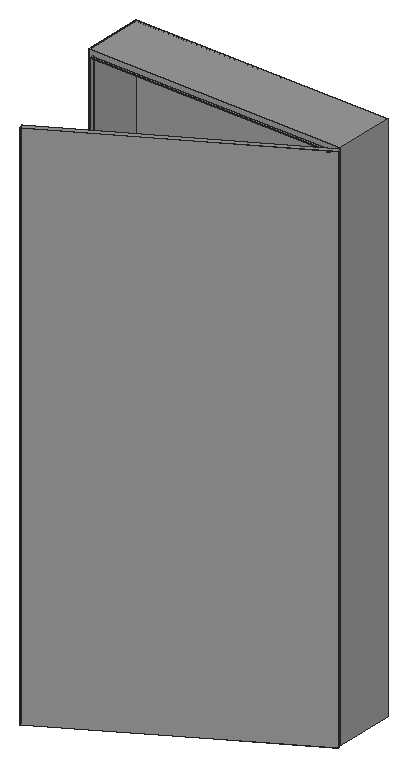
Revit family "Hager-Univers-IP44-D205-H1700-Cl.II-Encl-NoHosted-PT-pt", category Electrical Equipment, Revit 2020
Family settings
  Panel Configuration = Two Columns, Circuits Across
  Round Connector Dimension = Use Diameter
  Part Type = Panelboard
  Work Plane-Based = Yes
  Always vertical = Yes
  Cut with Voids When Loaded = No
  Shared = No
  Room Calculation Point = No
Parameters (values of type "Montagem em superfície (gesso) IP44 L800 A1700 P205  - FP13SN2")
  Width Control [instance] = if([EF000008 - Largura] > Min Width, [EF000008 - Largura], Min Width)  # 800 mm
  Type Comments = [HG000003 - Gama]  # "Univers"
  Thickness Door [instance] = if([EF009171 - Espessura do material da porta/tampa] > 3 mm, 3 mm, [EF009171 - Espessura do material da porta/tampa])  # 1 mm
  Seal Frame Offset [instance] = 17 mm  # constant formula
  Plinth Visibility [instance] = [HG000027 - Altura da Plinta] > 0 mm  # no
  Min Width [instance] = 100 mm  # constant formula
  Min Depth [instance] = (2 * [EF009170 - Espessura do material do invólucro]) + 1 mm  # 3 mm
  Min Height [instance] = 100 mm  # constant formula
  Internal Frame Depth [instance] = (Door System Depth * 0.5)  # 9 mm
  Panel Name [instance] = ""  # (empty or 0)
  Model = ""
  HG000027 - Altura da Plinta = 0 mm
  HG000026 - Instalação no chão = no
  HG000024 - Altura da secção inferior = 600 mm
  HG000023 - Recinto de secção dupla = no
  HG000016 - Visibilidade da porta 3D [instance] = yes
  HG000015 - Visibilidade através da porta [instance] = no
  HG000014 - Porta à direita [instance] = yes
  HG000013 - Porta à esquerda [instance] = not([HG000014 - Porta à direita])  # no
  HG000012 - Ângulo de abertura de porta [instance] = 30.00°
  HG000010 - Portas assimétricas = no
  HG000009 - Porta dupla = no
  HG000006 - Encastrado = no
  HG000004 - Referência do Fabricante = "FP13SN2"
  HG000003 - Gama = "Univers"
  HG000002 - Com porta ou tampa = yes
  Frame Offset Bottom [instance] = 10 mm  # constant formula
  Frame Offset [instance] = 15 mm  # constant formula
  EF015940 - Tampa com libertação de sobrepressão = no
  EF011959 - Grau de proteção (NEMA) = ""
  EF009554 - Número de aberturas para placas de flange = 6
  EF009212 - Tipo de tampa = "EV000116 - Fechado"
  EF009171 - Espessura do material da porta/tampa = 1 mm
  EF009170 - Espessura do material do invólucro = 1 mm
  EF008873 - Corrente nominal (In) = 400 A
  EF007800 - Adequado para proteção contra raios = no
  EF006306 - Com fecho = no
  EF006244 - Tampa/porta transparente = no
  EF005474 - Grau de proteção (IP) = "EV006418 - IP44"
  EF004464 - Tipo de porta = "EV002646 - Único"
  EF004427 - Número de módulos = 396
  EF004293 - Força de impacto = "EV006815 - IK09"
  EF003532 - Adequado para uso no exterior = no
  EF002950 - Largura em número de módulos = 36
  EF001613 - Integridade do circuito = "EV000494 - Nenhum"
  EF001596 - Material do corpo = "EV000179 - Aço"
  EF001131 - Profundidade interior = 143 mm
  EF001088 - Extensão possível = yes
  EF000437 - Número de entradas de condutores = 6
  EF000339 - Tipo de difusor = "EV001012 - Tampa"
  EF000266 - Número de linhas = 11
  EF000218 - Profundidade incorporada = 205 mm
  EF000118 - Com tampa de montagem = no
  EF000116 - Número RAL = "9010"
  EF000049 - Profundidade = 205 mm
  EF000040 - Altura = 1700 mm
  EF000008 - Largura = 800 mm
  EF000007 - Cor = "EV000202 - Branco"
  EF000003 - Método de montagem = "EV000384 - Montagem em superfície (gesso)"
  Door System Leaf Tolerance [instance] = 1.5 mm  # constant formula
  Door System Depth [instance] = 18 mm  # constant formula
  Door Height [instance] = Height Control - [HG000027 - Altura da Plinta]  # 1700 mm
  Description = ""
  Default Elevation = 1219.2 mm
  Connector Offset [instance] = Height Control / 2  # 850 mm
  Manufacturer = "Hager"  # constant formula
  Height Control [instance] = if([EF000040 - Altura] > Min Height, [EF000040 - Altura], Min Height)  # 1700 mm
  Depth Control [instance] = if([EF000049 - Profundidade] > Min Depth, [EF000049 - Profundidade], Min Depth)  # 205 mm
  Bottom Top Plate Trim [instance] = 1.5 mm  # constant formula
  Plinth height Ctrl [instance] = if([HG000027 - Altura da Plinta] > 0 mm, [HG000027 - Altura da Plinta], 12 mm)  # 12 mm
Types (5, lengths in mm): name | Width Control | HG000010 - Portas assimétricas | HG000009 - Porta dupla | HG000004 - Referência do Fabricante | EF009554 - Número de aberturas para placas de flange | EF008873 - Corrente nominal (In) | EF004464 - Tipo de porta | EF004427 - Número de módulos | EF002950 - Largura em número de módulos | EF000437 - Número de entradas de condutores | EF000008 - Largura
  Montagem em superfície (gesso) IP44 L1050 A1700 P205  - FP14SN2 | 1050 | no | yes | "FP14SN2" | 8 | 400 A | "EV003602 - Duplo" | 528 | 48 | 8 | 1050
  Montagem em superfície (gesso) IP44 L1300 A1700 P205  - FP15SN2 | 1300 | yes | yes | "FP15SN2" | 10 | 400 A | "EV003602 - Duplo" | 660 | 60 | 10 | 1300
  Montagem em superfície (gesso) IP44 L300 A1700 P205  - FP11SN2 | 300 | no | no | "FP11SN2" | 2 | 250 A | "EV002646 - Único" | 132 | 12 | 2 | 300
  Montagem em superfície (gesso) IP44 L550 A1700 P205  - FP12SN2 | 550 | no | no | "FP12SN2" | 4 | 250 A | "EV002646 - Único" | 264 | 24 | 4 | 550
  Montagem em superfície (gesso) IP44 L800 A1700 P205  - FP13SN2 | 800 | no | no | "FP13SN2" | 6 | 400 A | "EV002646 - Único" | 396 | 36 | 6 | 800
Reference planes
  plane 1 "Center (Front/Back)": y = 0
  plane 2: z = 0
  plane 3 "Center (Left/Right)": x = 0
  plane 4: y = 0
  plane 5: y = 0
  plane 6: z = 0
  plane 7: x = -400
  plane 8: x = 400
  plane 9: x = 399
  plane 10: x = -399
  plane 11: z = 0
  plane 12: z = 1
  plane 13: y = -205
  plane 14: y = -1
  plane 15: x = 0
  plane 16: y = -187
  plane 17: y = -204
  plane 18: y = -186
  plane 19: x = -384
  plane 20: x = 384
  plane 21: z = 11
  plane 22: x = -383
  plane 23: x = 383
  plane 24: z = 0
  plane 25: z = 1700
  plane 26: z = 1700
  plane 27: z = 1684
  plane 28: z = 1699
Forms (mm)
  Extrusion 1, solid, material "Hager_Steel_RAL7035_Light_Grey", detail levels medium+fine
    sketch origin (-208.679, -4572, 0) x (-1, 0, 0) y (0, -1, 0)
      loop
        line (191.321, -4385) -> (-608.679, -4385) -> (-608.679, -4572) -> (191.321, -4572) -> (191.321, -4385)
    from 0 to 1700
  Extrusion 2, void
    sketch origin (-350.771, -205, 1219.2) x (1, 0, 0) y (0, 0, 1)
      loop
        line (-48.229, 479.8) -> (-48.229, -1218.2) -> (749.771, -1218.2) -> (749.771, 479.8) -> (-48.229, 479.8)
    from -19 to -204
  Extrusion 3, void
    sketch origin (-290.084, -187, 1219.2) x (1, 0, 0) y (0, 0, 1)
      loop
        line (-93.916, -1208.2) -> (674.084, -1208.2) -> (674.084, 464.8) -> (-93.916, 464.8) -> (-93.916, -1208.2)
    from 0 to -1
  Extrusion 4, solid, material "Hager_Steel_RAL7035_Light_Grey", visible <- "Plinth Visibility", detail levels medium+fine
    sketch origin (0, 0, 0) x (1, 0, 0) y (0, 1, 0)
      loop
        line (-400, 0) -> (-400, -187) -> (400, -187) -> (400, 0) -> (-400, 0)
    from 0 to 12 <- "Plinth height Ctrl"
  Extrusion 5, solid, material "Hager_Steel_RAL7035_Light_Grey", detail levels coarse
    sketch origin (0, 0, 0) x (1, 0, 0) y (0, 1, 0)
      loop
        line (-400, 0) -> (-400, -205) -> (400, -205) -> (400, 0) -> (-400, 0)
    from 0 to 1700 <- "Height Control"
  Sweep 6, void
    path in 3D
      loop
        line (-400, -187, 12) -> (400, -187, 12) -> (400, 0, 12) -> (-400, 0, 12) -> (-400, -187, 12)
    profile origin (-400, -93.5, 12) x (1, 0, 0) y (0, 0, 1)
      loop
        line (0, 0) -> (0, -1.5) -> (1.5, -1.5)
        arc (1.5, -1.5) -> (1.061, -0.439) -> (0, 0) r 1.5
  Extrusion 7, solid, material "Hager_Steel_RAL7035_Light_Grey", detail levels fine
    sketch origin (-400, -187, 0) x (1, 0, 0) y (0, 0, 1)
      loop
        line (16, 11) -> (784, 11) -> (784, 1684) -> (16, 1684) -> (16, 11)
      loop
        line (15, 10) -> (785, 10) -> (785, 1685) -> (15, 1685) -> (15, 10)
    from 0 to 9 <- "Internal Frame Depth"
Cuts and joins
  Extrusion 2, Extrusion 3 cuts Extrusion 1
  Sweep 6 cuts Extrusion 4
Lines and regions (mm)
  Masking region 1
    outline origin (0, 0, 0) x (1, 0, 0) y (0, 1, 0)
      loop
        line (-400, 0) -> (-400, -205) -> (400, -205) -> (400, 0) -> (-400, 0)
  Masking region 2, detail levels coarse
    outline origin (-290.084, -187, 1219.2) x (-1, 0, 0) y (0, 0, 1)
      loop
        line (-690.084, -1219.2) -> (109.916, -1219.2) -> (109.916, 480.8) -> (-690.084, 480.8) -> (-690.084, -1219.2)
  Masking region 3, detail levels coarse
    outline origin (0, 0, 0) x (0, 1, 0) y (0, 0, 1)
      loop
        line (0, 0) -> (0, 1700) -> (-205, 1700) -> (-205, 0) -> (0, 0)
  Masking region 4, visible <- "Plinth Visibility", detail levels medium+fine
    outline origin (0, 0, 0) x (0, 1, 0) y (0, 0, 1)
      loop
        line (-1.5, 12) -> (-185.5, 12)
        arc (-185.5, 12) -> (-185.939, 10.939) -> (-187, 10.5) r 1.5
        line (-187, 10.5) -> (-187, 0) -> (0, 0) -> (0, 10.5)
        arc (0, 10.5) -> (-1.061, 10.939) -> (-1.5, 12) r 1.5
  Masking region 5, detail levels medium+fine
    outline origin (0, 0, 594.038) x (0, 1, 0) y (0, 0, 1)
      loop
        line (0, -594.038) -> (0, 1105.962) -> (-187, 1105.962) -> (-187, -594.038) -> (0, -594.038)
  Masking region 6, detail levels medium+fine
    outline origin (-359.7, -187, 1211.883) x (-1, 0, 0) y (0, 0, 1)
      loop
        line (-759.7, -1211.883) -> (40.3, -1211.883) -> (40.3, 488.117) -> (-759.7, 488.117) -> (-759.7, -1211.883)
  Masking region 7, visible <- "Plinth Visibility", detail levels medium+fine
    outline origin (-320.334, -187, 1041.368) x (-1, 0, 0) y (0, 0, 1)
      loop
        line (-720.334, -1041.368) -> (79.666, -1041.368) -> (79.666, -1030.868)
        arc (79.666, -1030.868) -> (78.606, -1030.429) -> (78.166, -1029.368) r 1.5
        line (78.166, -1029.368) -> (-718.834, -1029.368)
        arc (-718.834, -1029.368) -> (-719.273, -1030.429) -> (-720.334, -1030.868) r 1.5
        line (-720.334, -1030.868) -> (-720.334, -1041.368)
  sketch lines
    curve 1: line (-400, 0, 12) -> (-400, -187, 12)
    curve 2: line (-400, -187, 12) -> (400, -187, 12)
    curve 3: line (400, 0, 12) -> (-400, 0, 12)
    curve 4: line (400, -187, 12) -> (400, 0, 12)
Dimensions and locks
  locked: plane 1 "Center (Front/Back)" to plane 5
  "EF009170 - Espessura do material do invólucro": plane 7 to plane 10
  "EF009170 - Espessura do material do invólucro": plane 8 to plane 9
  equal spacing: plane 7, plane 3 "Center (Left/Right)", plane 8
  "Width Control": plane 7 to plane 8
  "Depth Control": plane 4 to plane 13
  "EF009170 - Espessura do material do invólucro": plane 4 to plane 14
  "Height Control": plane 25 to level
  "HG000027 - Altura da Plinta": plane 11 to level
  "EF009170 - Espessura do material do invólucro": plane 12 to plane 11
  "EF009170 - Espessura do material do invólucro": plane 17 to plane 13
  "EF009170 - Espessura do material do invólucro": plane 18 to plane 16
  "Frame Offset Bottom": plane 21 to plane 12
  "Frame Offset": plane 10 to plane 19
  "Frame Offset": plane 9 to plane 20
  "Door System Depth": plane 16 to plane 13
  "Seal Frame Offset": plane 7 to plane 22
  "Seal Frame Offset": plane 8 to plane 23
  "EF009170 - Espessura do material do invólucro": plane 26 to plane 28
  "Frame Offset": plane 28 to plane 27
  "Connector Offset": plane 2 to connector elem
  "Bottom Top Plate Trim": profile plane to Sweep 6 sketch curve
  "Bottom Top Plate Trim": Sweep 6 sketch curve to Sweep 6 sketch curve
  "Plinth height Ctrl": Masking region 4 sketch curve to level
  "Plinth height Ctrl": Masking region 7 sketch curve to level
  "Thickness Door": Extrusion 7 sketch curve to Extrusion 7 sketch curve  (x4)
  "Bottom Top Plate Trim": radius of Sweep 6 sketch curve
  "Bottom Top Plate Trim": radius of Masking region 4 sketch curve  (x2)
  "Bottom Top Plate Trim": radius of Masking region 7 sketch curve  (x2)
  aligned and locked: Extrusion 2 sketch curve to plane 12
  aligned and locked: Extrusion 2 sketch curve to plane 9
  aligned and locked: Extrusion 2 sketch curve to plane 10
  aligned and locked: Extrusion 2 to plane 14
  aligned and locked: Extrusion 1 sketch curve to plane 4
  aligned and locked: plane 8 to Extrusion 1 sketch curve
  aligned and locked: plane 7 to Extrusion 1 sketch curve
  aligned and locked: Extrusion 2 to plane 18
  aligned and locked: Extrusion 3 sketch curve to plane 19
  aligned and locked: plane 20 to Extrusion 3 sketch curve
  aligned and locked: Extrusion 3 to Extrusion 2
  aligned and locked: Extrusion 3 sketch curve to plane 21
  aligned and locked: plane 3 "Center (Left/Right)" to nested 1
  aligned and locked: Extrusion 1 sketch curve to plane 16
  aligned and locked: Extrusion 4 sketch curve to cut or joined group of Extrusion 1, Extrusion 2, Extrusion 3
  aligned and locked: Masking region 1 sketch curve to plane 7
  aligned and locked: Masking region 1 sketch curve to plane 5
  aligned and locked: Masking region 1 sketch curve to plane 8
  aligned and locked: Masking region 2 sketch curve to level
  aligned and locked: level to Masking region 3 sketch curve
  aligned and locked: plane 1 "Center (Front/Back)" to Masking region 3 sketch curve
  aligned and locked: plane 13 to Masking region 3 sketch curve
  aligned and locked: plane 5 to Masking region 4 sketch curve
  aligned and locked: Masking region 2 sketch curve to plane 8
  aligned and locked: Masking region 2 sketch curve to plane 7
  aligned and locked: plane 7 to nested 2
  aligned and locked: nested 2 to plane 5
  aligned and locked: plane 5 to Masking region 5 sketch curve
  aligned and locked: plane 26 to Masking region 5 sketch curve
  aligned and locked: Extrusion 5 sketch curve to plane 8
  aligned and locked: Extrusion 5 sketch curve to plane 7
  aligned and locked: Extrusion 5 sketch curve to plane 5
  aligned and locked: Extrusion 3 sketch curve to plane 27
  aligned and locked: Extrusion 2 sketch curve to plane 28
  aligned and locked: Masking region 2 to plane 25
  aligned and locked: Extrusion 4 to plane 16
  aligned and locked: profile plane to Sweep 6 sketch curve
  aligned and locked: Masking region 5 sketch curve to plane 24
  aligned and locked: level to Masking region 4 sketch curve
  aligned and locked: Masking region 1 to plane 13
  aligned and locked: nested 1 to plane 16
  aligned and locked: Masking region 3 to plane 25
  aligned and locked: plane 16 to Masking region 4 sketch curve
  aligned and locked: Masking region 5 sketch curve to plane 16
  aligned and locked: plane 24 to plane 11
  aligned and locked: plane 26 to plane 25
  aligned and locked: plane 26 to cut or joined group of Extrusion 1, Extrusion 2, Extrusion 3
  aligned and locked: nested 1 to plane 24
  aligned and locked: Extrusion 1 to Extrusion 3
  aligned and locked: Masking region 6 sketch curve to plane 8
  aligned and locked: Masking region 6 sketch curve to plane 24
  aligned and locked: Masking region 6 sketch curve to plane 7
  aligned and locked: Masking region 6 sketch curve to plane 26
  aligned and locked: Masking region 7 sketch curve to plane 7
  aligned and locked: level to Masking region 7 sketch curve
  aligned and locked: Masking region 7 sketch curve to plane 8
  aligned and locked: Extrusion 7 sketch curve to cut or joined group of Extrusion 1, Extrusion 2, Extrusion 3  (x4)
Automatic sketch dimensions
  plane 19 to Extrusion 3 sketch curve = 0 mm
  Extrusion 3 sketch curve to plane 20 = 0 mm
  Extrusion 3 sketch curve to plane 21 = 0 mm
  Extrusion 4 sketch curve to plane 7 = 0 mm
  Extrusion 4 sketch curve to plane 8 = 0 mm
  Extrusion 4 sketch curve to plane 16 = 0 mm
  Masking region 1 sketch curve to plane 13 = 0 mm
  Masking region 2 sketch curve to plane 25 = 0 mm
  Masking region 3 sketch curve to plane 25 = 0 mm
  Extrusion 5 sketch curve to plane 13 = 0 mm
  profile plane to Sweep 6 sketch curve = 0 mm
Nested families
  nested 1: "EC000058_Univers_Door" at (0, -187, 0), Double <- "HG000009 - Porta dupla", Transparent <- "EF006244 - Tampa/porta transparente", Angle <- "HG000012 - Ângulo de abertura de porta", Door_Right <- "HG000014 - Porta à direita", Assymetrical <- "HG000010 - Portas assimétricas", Door <- "HG000002 - Com porta ou tampa", Width_Ctrl <- "Width Control", 3d_Door <- "HG000016 - Visibilidade da porta 3D", Clearance <- "HG000015 - Visibilidade através da porta", Door_Left <- "HG000013 - Porta à esquerda", Width <- "Width Control", Door_Depth <- "Door System Depth", Leaf_Tolerance <- "Door System Leaf Tolerance", Height <- "Door Height", Lock_Visibility <- "EF006306 - Com fecho", Thickness <- "Thickness Door", type "EC000058_Univers_Door", detail levels medium+fine
    with min_wh 3 mm, Width_Ctrl 800 mm, Width 800 mm, Transparent no, Thickness 1 mm, Seal_Material Hager_Rubber, Lock_Visibility no, Lock_Material Hager_Plastic_RAL9005_Jet_Black, Leaf_Width 800 mm, Leaf_Tolerance_External_Sides 0 mm, Leaf_Tolerance 1.5 mm, Leaf_Offset 0 mm, Leaf_Height 1697 mm, Leaf_2_Width 800 mm, Leaf_2_Offset 400 mm, Leaf_1_Width 800 mm, Leaf_1_Offset 400 mm, Height_Ctrl 1700 mm, Height 1700 mm, Glass_Material Hager_Glass, Double_Clearance_Ctrl no, Double no, Door_Right_Ctrl yes, Door_Right yes, Door_Material Hager_Steel_RAL7035_Light_Grey, Door_Left_Ctrl no, Door_Left no, Door_Depth 18 mm, Door yes, Clearance_Material Hager_Clearance, Clearance_Depth 800 mm, Clearance_Ctrl no, Clearance no, Assymetrical no, Angle 30.00°, 3d_Door yes
  nested 2: "Hager_Enclosure_Symbol" at (-400, 0, 0), Height <- "Depth Control", Width <- "Width Control", type "Hager_Enclosure_Symbol"
    with Width_Ctrl 800 mm, Width 800 mm, Height_Ctrl 205 mm, Height 205 mm, A_Width_Int 13.453 mm, A_Width 161.438 mm, A_Height_Ctrl 179.375 mm, A_Height 179.375 mm
Connectors
  electrical at (0, 0, 850)
    settings: on plane 1 "Center (Front/Back)", index 1, voltage 0 V, apparent load 0 VA, apparent load phase1 0 VA, apparent load phase2 0 VA, apparent load phase3 0 VA, power factor 1, load classification "Other", number of poles 1, system type 30, power factor state 1, is connector primary yes, connector utility no, sub classification motor no, connector description ""
Definition of nested family "EC000058_Univers_Door"
  Parameters (values of type "EC000058_Univers_Door")
    min_wh [instance] = (2 * Thickness) + 1 mm  # 11 mm
    Width_Ctrl [instance] = 400 mm
    Width [instance] = 500 mm
    Transparent [instance] = yes
    Thickness [instance] = 5 mm
    Seal_Material [instance] = none
    Lock_Visibility [instance] = yes
    Lock_Material [instance] = none
    Leaf_Width [instance] = if((Width_Ctrl - 2 * Leaf_Tolerance_External_Sides) > 0 mm, (Width_Ctrl - 2 * Leaf_Tolerance_External_Sides), min_wh)  # 400 mm
    Leaf_Tolerance_External_Sides [instance] = 0 mm  # constant formula
    Leaf_Tolerance [instance] = 1.5 mm
    Leaf_Offset [instance] = 0 mm  # constant formula
    Leaf_Height [instance] = if((Height_Ctrl - 2 * Leaf_Tolerance) > 0 mm, (Height_Ctrl - 2 * Leaf_Tolerance), min_wh)  # 497 mm
    Leaf_2_Width [instance] = if(and(and(Double, Assymetrical), Door_Left), (Leaf_Width / 3) - (Leaf_Tolerance / 2), if(and(and(Double, Assymetrical), Door_Right), (Leaf_Width / 3) * 2 - (Leaf_Tolerance / 2), if(and(Double, not(Assymetrical)), (Leaf_Width / 2) - Leaf_Tolerance, Leaf_Width)))  # 400 mm
    Leaf_2_Offset [instance] = if(and(Double, Assymetrical), Leaf_2_Width / 2, if(and(Double, not(Assymetrical)), Leaf_Width / 4, Leaf_Width / 2))  # 200 mm
    Leaf_1_Width [instance] = if(and(and(Double, Assymetrical), Door_Right), (Leaf_Width / 3) - (Leaf_Tolerance / 2), if(and(and(Double, Assymetrical), Door_Left), (Width / 3) * 2 - (Leaf_Tolerance / 2), if(and(Double, not(Assymetrical)), (Leaf_Width / 2) - Leaf_Tolerance, Leaf_Width)))  # 400 mm
    Leaf_1_Offset [instance] = if(and(Double, Assymetrical), Leaf_1_Width / 2, if(and(Double, not(Assymetrical)), Leaf_Width / 4, Leaf_Width / 2))  # 200 mm
    Height_Ctrl [instance] = if(Height > min_wh, Height, min_wh)  # 500 mm
    Height [instance] = 500 mm
    Glass_Material [instance] = none
    Double_Clearance_Ctrl [instance] = and(Double, Clearance)  # no
    Double [instance] = no
    Door_Right_Ctrl [instance] = and(or(Door_Right, Double), Door)  # yes
    Door_Right [instance] = yes
    Door_Material [instance] = none
    Door_Left_Ctrl [instance] = and(or(Door_Left, Double), Door)  # no
    Door_Left [instance] = no
    Door_Depth [instance] = 30 mm
    Door [instance] = yes
    Default Elevation = 1219.2 mm
    Clearance_Material [instance] = none
    Clearance_Depth [instance] = if(Leaf_1_Width > Leaf_2_Width, Leaf_1_Width, Leaf_2_Width)  # 400 mm
    Clearance_Ctrl [instance] = and(not(Double), Clearance)  # yes
    Clearance [instance] = yes
    Assymetrical [instance] = yes
    Angle [instance] = 30.00°
    3d_Door [instance] = yes
  Reference planes
    plane 1 "Center (Front/Back)": y = 0
    plane 2 "Bottom": z = 0
    plane 3 "Center (Left/Right)": x = 0
    plane 4: z = 500
    plane 5: x = -200
    plane 6: x = 200
    plane 7: z = 500
    plane 8: x = -200
    plane 9: z = 0
    plane 10: x = 200
    plane 11: y = 0
    plane 12: z = 1.5
    plane 13: x = -600
    plane 14: y = -400
    plane 15: x = 600
    plane 16: x = 0
    plane 17: x = 0
    plane 18: x = -200
    plane 19: x = 200
    plane 20: z = 498.5
  Forms (mm)
    Extrusion 1, solid, material <- "Clearance_Material", visible <- "Double_Clearance_Ctrl"
      sketch origin (1200, 0, 0) x (1, 0, 0) y (0, 0, -1)
        loop
          line (-1800, -498.5) -> (-600, -498.5) -> (-600, 0) -> (-1800, 0) -> (-1800, -498.5)
      from 0 to -400
  Dimensions and locks
    equal spacing: plane 5, plane 3 "Center (Left/Right)", plane 6
    "Width_Ctrl": plane 5 to plane 6
    "Leaf_Offset": plane 5 to plane 8
    "Leaf_Offset": plane 6 to plane 10
    "Leaf_Offset": plane 9 to level
    "Leaf_Offset": plane 4 to plane 7
    "Height_Ctrl": plane 4 to level
    "Leaf_Tolerance": plane 12 to plane 9
    locked: plane 11 to plane 1 "Center (Front/Back)"
    "Leaf_1_Offset": plane 18 to plane 16
    "Leaf_2_Offset": plane 17 to plane 19
    "Leaf_1_Width": plane 13 to plane 8
    "Leaf_2_Width": plane 10 to plane 15
    "Clearance_Depth": plane 14 to plane 1 "Center (Front/Back)"
    "Leaf_Tolerance_External_Sides": plane 8 to plane 18
    "Leaf_Tolerance_External_Sides": plane 19 to plane 10
    "Leaf_Tolerance": plane 7 to plane 20
    aligned and locked: level to plane 2 "Bottom"
    aligned and locked: nested 1 to plane 16
    aligned and locked: nested 2 to plane 17
    aligned and locked: Extrusion 1 to plane 13
    aligned and locked: plane 15 to Extrusion 1
    aligned and locked: Extrusion 1 to plane 14
    aligned and locked: plane 12 to nested 1
    aligned and locked: nested 2 to plane 12
    aligned and locked: Extrusion 1 to plane 11
    aligned and locked: plane 20 to Extrusion 1
    aligned and locked: nested 2 to plane 11
    aligned and locked: nested 1 to plane 11
  Automatic sketch dimensions
    Extrusion 1 sketch curve to level = 0 mm
    plane 5 to Extrusion 1 sketch curve = 400 mm
    plane 6 to Extrusion 1 sketch curve = 400 mm
    Extrusion 1 sketch curve to plane 4 = 1.5 mm
  Nested families
    nested 1: "EC000058_Univers_Door_Leaf" at (0, 0, 1.5), Width <- "Leaf_1_Width", visible <- "Door_Left_Ctrl", Leaf_Height <- "Leaf_Height", Angle <- "Angle", 3d_Door <- "3d_Door", Transparent <- "Transparent", Clearance Material <- "Clearance_Material", Clearance <- "Clearance_Ctrl", Door_Material <- "Door_Material", Glass_Material <- "Glass_Material", Door_Depth <- "Door_Depth", Lock_Material <- "Lock_Material", Seal_Material <- "Seal_Material", Lock_Visibility <- "Lock_Visibility", Thickness <- "Thickness", type "EC000058_Univers_Door_Leaf"
      with Width 400 mm, Transparent_Glass_Offset 30 mm, Transparent_Ctrl yes, Transparent yes, Thickness 5 mm, Standard no, Seal_Material none, Seal_D2 8 mm, Seal_D1 1 mm, Offset_Internal_Frame 10 mm, Lock_Width 20 mm, Lock_Visibility_3d yes, Lock_Visibility yes, Lock_Thickness_3 3 mm, Lock_Thickness_2 1 mm, Lock_Thickness_1 3 mm, Lock_Radius_Offset_2 16 mm, Lock_Radius_Offset_1 15 mm, Lock_Radius_2 5 mm, Lock_Radius 6 mm, Lock_Offset 5 mm, Lock_Material none, Lock_Height 80 mm, Lock_Cover_Top_Offset_2d 17 mm, Lock_Cover_Height -65 mm, Leaf_Height 497 mm, Internal_Seal_Thickness 8 mm, Internal_Seal_Depth_2 4.5 mm, Internal_Frame_Depth 25 mm, Glass_Thickness -1 mm, Glass_Offset -2 mm, Glass_Material none, Door_Material none, Door_Depth 30 mm, Clearance Material none, Clearance yes, Angle_Ctrl 30.00°, Angle 30.00°, 3d_Door yes
    nested 2: "EC000058_Univers_Door_Leaf" at (0, 0, 1.5) x (-1, 0, 0) z (0, 0, 1), Width <- "Leaf_2_Width", visible <- "Door_Right_Ctrl", Leaf_Height <- "Leaf_Height", Angle <- "Angle", 3d_Door <- "3d_Door", Transparent <- "Transparent", Clearance Material <- "Clearance_Material", Clearance <- "Clearance_Ctrl", Door_Material <- "Door_Material", Glass_Material <- "Glass_Material", Door_Depth <- "Door_Depth", Lock_Material <- "Lock_Material", Seal_Material <- "Seal_Material", Lock_Visibility <- "Lock_Visibility", Thickness <- "Thickness", type "EC000058_Univers_Door_Leaf"
      with Width 400 mm, Transparent_Glass_Offset 30 mm, Transparent_Ctrl yes, Transparent yes, Thickness 5 mm, Standard no, Seal_Material none, Seal_D2 8 mm, Seal_D1 1 mm, Offset_Internal_Frame 10 mm, Lock_Width 20 mm, Lock_Visibility_3d yes, Lock_Visibility yes, Lock_Thickness_3 3 mm, Lock_Thickness_2 1 mm, Lock_Thickness_1 3 mm, Lock_Radius_Offset_2 16 mm, Lock_Radius_Offset_1 15 mm, Lock_Radius_2 5 mm, Lock_Radius 6 mm, Lock_Offset 5 mm, Lock_Material none, Lock_Height 80 mm, Lock_Cover_Top_Offset_2d 17 mm, Lock_Cover_Height -65 mm, Leaf_Height 497 mm, Internal_Seal_Thickness 8 mm, Internal_Seal_Depth_2 4.5 mm, Internal_Frame_Depth 25 mm, Glass_Thickness -1 mm, Glass_Offset -2 mm, Glass_Material none, Door_Material none, Door_Depth 30 mm, Clearance Material none, Clearance yes, Angle_Ctrl 30.00°, Angle 30.00°, 3d_Door yes
  Definition of nested family "EC000058_Univers_Door_Leaf"
    Parameters (values of type "EC000058_Univers_Door_Leaf")
      Width [instance] = 2000 mm
      Transparent_Glass_Offset [instance] = 30 mm
      Transparent_Ctrl [instance] = and(Transparent, [3d_Door])  # yes
      Transparent [instance] = yes
      Thickness [instance] = 5 mm
      Standard [instance] = and(not(Transparent), [3d_Door])  # no
      Seal_Material [instance] = none
      Seal_D2 [instance] = 8 mm  # constant formula
      Seal_D1 [instance] = 1 mm  # constant formula
      Offset_Internal_Frame [instance] = 10 mm  # constant formula
      Lock_Width [instance] = 20 mm  # constant formula
      Lock_Visibility_3d [instance] = and(Lock_Visibility, [3d_Door])  # yes
      Lock_Visibility [instance] = yes
      Lock_Thickness_3 [instance] = 3 mm  # constant formula
      Lock_Thickness_2 [instance] = 1 mm  # constant formula
      Lock_Thickness_1 [instance] = 3 mm  # constant formula
      Lock_Radius_Offset_2 [instance] = Lock_Radius_Offset_1 + 1 mm  # 16 mm
      Lock_Radius_Offset_1 [instance] = 15 mm  # constant formula
      Lock_Radius_2 [instance] = Lock_Radius - 1 mm  # 5 mm
      Lock_Radius [instance] = 6 mm  # constant formula
      Lock_Offset [instance] = 5 mm  # constant formula
      Lock_Material [instance] = none
      Lock_Height [instance] = 80 mm  # constant formula
      Lock_Cover_Top_Offset_2d [instance] = Lock_Radius_Offset_2 + 1 mm  # 17 mm
      Lock_Cover_Height [instance] = -(Lock_Height - Lock_Radius_Offset_1)  # -65 mm
      Leaf_Height [instance] = 2720.336 mm
      Internal_Seal_Thickness [instance] = 8 mm  # constant formula
      Internal_Seal_Depth_2 [instance] = 4.5 mm  # constant formula
      Internal_Frame_Depth [instance] = if(Door_Depth - Thickness > 5 mm, Door_Depth - Thickness, 5 mm)  # 25 mm
      Glass_Thickness [instance] = if(Thickness > 15 mm, Glass_Offset + 10 mm, -1 mm)  # -1 mm
      Glass_Offset [instance] = if(Thickness > 15 mm, -(Thickness + 10 mm) / 2, -2 mm)  # -2 mm
      Glass_Material [instance] = none
      Door_Material [instance] = none
      Door_Depth [instance] = 30 mm
      Default Elevation = 0 mm
      Clearance Material [instance] = none
      Clearance [instance] = yes
      Angle_Ctrl [instance] = if(Angle > 180.00°, 180.00°, Angle)  # 90.00°
      Angle [instance] = 90.00°
      3d_Door [instance] = yes
    Reference planes
      plane 1 "Center (Front/Back)": y = 0
      plane 2: z = 0
      plane 3 "Center (Left/Right)": x = 0
      plane 4: y = 2000
      plane 5: x = -1000
      plane 6: x = 1000
      plane 7: x = -3000
      plane 8: z = 2720.336
      plane 9: z = 30
      plane 10: z = 2690.336
      plane 11: x = 970
      plane 12: x = -970
      plane 13: y = -3
      plane 14: z = 107.833
      plane 15: y = -5
      plane 16: y = -223.314
      plane 17: x = -1000
      plane 18: z = 1360.168
      plane 19: y = 30
    Forms (mm)
      Extrusion 1, solid, material <- "Clearance Material", visible <- "Clearance"
        sketch origin (0, 0, 0) x (1, 0, 0) y (0, 0, 1)
          loop
            line (-3000, 2720.336) -> (-3000, 0) -> (1000, 0) -> (1000, 2720.336) -> (-3000, 2720.336)
        from 0 to -2000
      Extrusion 2, solid, material <- "Door_Material", visible <- "Standard", detail levels medium+fine
        sketch origin (-1000, 0, 0) x (0, 1, 0) y (-1, 0, 0)
          loop
            line (0, 30) -> (0, 25) -> (2000, 25) -> (2000, 30) -> (0, 30)
        from 0 to 2720.336 <- "Leaf_Height"
      Extrusion 3, solid, material <- "Door_Material", visible <- "Transparent_Ctrl", detail levels medium+fine
        sketch origin (-1000, 0, 0) x (0, 1, 0) y (-1, 0, 0)
          loop
            line (0, 25) -> (2000, 25) -> (2000, 30) -> (0, 30) -> (0, 25)
        from 0 to 2720.336 <- "Leaf_Height"
      Extrusion 4, void
        sketch origin (-1025, 2000, 0) x (0, 1, 0) y (0, 0, -1)
          loop
            line (-30, -2690.336) -> (-30, -30) -> (-1970, -30) -> (-1970, -2690.336) -> (-30, -2690.336)
        from 0 to 5 <- "Thickness"
      Sweep 5, solid, material <- "Seal_Material", visible <- "Transparent_Ctrl", detail levels fine
        path in 3D
          loop
            line (-1025, 30, 30) -> (-1025, 30, 2690.336) -> (-1025, 1970, 2690.336) -> (-1025, 1970, 30) -> (-1025, 30, 30)
        profile origin (-1025, 1000, 30) x (1, 0, 0) y (0, 0, 1)
          loop
            line (0, 0) -> (0, -8) -> (1, -8) -> (1, 0) -> (0, 0)
      Extrusion 6, solid, material <- "Glass_Material", visible <- "Transparent_Ctrl", detail levels medium+fine
        sketch origin (-1030, 0, 0) x (0, 1, 0) y (0, 0, -1)
          loop
            line (1970, -2690.336) -> (1970, -30) -> (30, -30) -> (30, -2690.336) -> (1970, -2690.336)
        from -2 <- "Glass_Offset" to -1 <- "Glass_Thickness"
      Extrusion 7, solid, material <- "Door_Material", visible <- "3d_Door", detail levels medium+fine
        sketch origin (-1025, 2000, 0) x (0, -1, 0) y (0, 0, -1)
          loop
            line (0, -2720.336) -> (2000, -2720.336) -> (2000, 0) -> (0, 0) -> (0, -2720.336)
          loop
            line (1995, -5) -> (5, -5) -> (5, -2715.336) -> (1995, -2715.336) -> (1995, -5)
        from 0 to 25 <- "Internal_Frame_Depth"
      Sweep 8, solid, material <- "Seal_Material", visible <- "Transparent_Ctrl", detail levels fine
        path in 3D
          loop
            line (-1025, 0, 0) -> (-1025, 2000, 0) -> (-1025, 2000, 2720.336) -> (-1025, 0, 2720.336) -> (-1025, 0, 0)
        profile origin (-1025, 0, 1360.168) x (1, 0, 0) y (0, 1, 0)
          loop
            line (0, 10) -> (2.975, 10)
            arc (2.975, 10) -> (4.053, 10.447) -> (4.5, 11.525) r 1.525
            line (4.5, 11.525) -> (4.5, 16.527)
            arc (4.5, 16.527) -> (4.069, 17.569) -> (3.027, 18) r 1.473
            line (3.027, 18) -> (0, 18) -> (0, 10)
      Extrusion 9, solid, material <- "Lock_Material", visible <- "Lock_Visibility_3d", detail levels fine
        sketch origin (-1030, 0, 0) x (0, 1, 0) y (0, 0, -1)
          loop
            arc (1993.5, -1400.168) -> (1994.561, -1399.729) -> (1995, -1398.668) r 1.5
            line (1995, -1398.668) -> (1995, -1320.168) -> (1975, -1320.168) -> (1975, -1398.668)
            arc (1975, -1398.668) -> (1975.439, -1399.729) -> (1976.5, -1400.168) r 1.5
            line (1976.5, -1400.168) -> (1993.5, -1400.168)
        from 3 <- "Lock_Thickness_1" to 0
      Blend 10, solid, material <- "Lock_Material", visible <- "Lock_Visibility_3d", detail levels fine
        base sketch origin (-1033, 0, 0) x (0, 1, 0) y (0, 0, -1)
          loop
            line (1975, -1320.168) -> (1975, -1398.668)
            arc (1975, -1398.668) -> (1975.439, -1399.729) -> (1976.5, -1400.168) r 1.5
            line (1976.5, -1400.168) -> (1993.5, -1400.168)
            arc (1993.5, -1400.168) -> (1994.561, -1399.729) -> (1995, -1398.668) r 1.5
            line (1995, -1398.668) -> (1995, -1320.168) -> (1975, -1320.168)
        top sketch origin (-1033, 0, 0) x (0, 1, 0) y (0, 0, -1)
          loop
            line (1976, -1320.168) -> (1976, -1398.668)
            arc (1976, -1398.668) -> (1976.146, -1399.022) -> (1976.5, -1399.168) r 0.5
            line (1976.5, -1399.168) -> (1993.5, -1399.168)
            arc (1993.5, -1399.168) -> (1993.854, -1399.022) -> (1994, -1398.668) r 0.5
            line (1994, -1398.668) -> (1994, -1320.168) -> (1976, -1320.168)
        from 0 to 1 <- "Lock_Thickness_2"
      Blend 11, solid, material <- "Lock_Material", visible <- "Lock_Visibility_3d", detail levels fine
        base sketch origin (-1034, 0, 0) x (0, 1, 0) y (0, 0, -1)
          loop
            line (1978, -1320.168) -> (1978, -1384.168)
            arc (1978, -1384.168) -> (1985, -1391.168) -> (1992, -1384.168) r 7
            line (1992, -1384.168) -> (1992, -1320.168) -> (1978, -1320.168)
        top sketch origin (-1034, 0, 0) x (0, 1, 0) y (0, 0, -1)
          loop
            line (1991, -1320.168) -> (1979, -1320.168) -> (1979, -1383.168)
            arc (1979, -1383.168) -> (1985, -1389.168) -> (1991, -1383.168) r 6
            line (1991, -1383.168) -> (1991, -1320.168)
        from 0 to 3 <- "Lock_Thickness_3"
      Extrusion 12, solid, material <- "Lock_Material", visible <- "Lock_Visibility_3d", detail levels fine
        sketch origin (-1030, 1975, 1320.168) x (1, 0, 0) y (0, -1, 0)
          loop
            line (-7, -19) -> (-7, -1) -> (0, -1) -> (0, 0) -> (-8, 0) -> (-8, -20) -> (0, -20) -> (0, -19) -> (-7, -19)
        from 0 to -65 <- "Lock_Cover_Height"
      Extrusion 13, void
        sketch origin (-1038, 1995, 1320.168) x (-1, 0, 0) y (0, 0, -1)
          loop
            line (-5, -65) -> (0, -65) -> (-5, -60) -> (-5, -65)
        from 0 to 20 <- "Lock_Width"
      Extrusion 14, void
        sketch origin (-1038, 1975, 1320.168) x (0, -1, 0) y (0, 0, -1)
          loop
            circle (-10, -15.995) r 6
          loop
            circle (-10, -15.995) r 5
        from 0 to 2
      Extrusion 15, solid, material <- "Lock_Material", visible <- "Lock_Visibility_3d", detail levels medium
        sketch origin (-1030, 0, 0) x (0, 1, 0) y (0, 0, -1)
          loop
            arc (1993.5, -1400.168) -> (1994.561, -1399.729) -> (1995, -1398.668) r 1.5
            line (1995, -1398.668) -> (1995, -1320.168) -> (1975, -1320.168) -> (1975, -1398.668)
            arc (1975, -1398.668) -> (1975.439, -1399.729) -> (1976.5, -1400.168) r 1.5
            line (1976.5, -1400.168) -> (1993.5, -1400.168)
        from 8 to 0
    Cuts and joins
      Extrusion 4 cuts Extrusion 3
      Extrusion 13, Extrusion 14 cuts Extrusion 9
      Extrusion 14 cuts Blend 11
      Extrusion 13, Extrusion 14 cuts Extrusion 12
      joined: Extrusion 9, Blend 10, Blend 11, Extrusion 12
      Extrusion 14 cuts Extrusion 15
    Lines and regions (mm)
      Masking region 1, visible <- "Lock_Visibility", detail levels fine
        outline origin (0, 0, 0) x (0, 1, 0) y (0, 0, 1)
          loop
            line (30, 1320.168) -> (33, 1320.168) -> (33, 1400.168) -> (30, 1400.168) -> (30, 1320.168)
      Masking region 2, visible <- "Lock_Visibility", detail levels fine
        outline origin (0, 3.143, 0) x (0, 1, 0) y (0, 0, 1)
          loop
            line (29.857, 1354.168) -> (30.857, 1354.168) -> (30.857, 1366.168) -> (29.857, 1366.168) -> (29.857, 1354.168)
      Masking region 3, detail levels medium+fine
        outline origin (0, 0, 0) x (0, 1, 0) y (0, 0, 1)
          loop
            line (0, 0) -> (30, 0) -> (30, 2720.336) -> (0, 2720.336) -> (0, 0)
      Masking region 4, detail levels medium+fine
        outline origin (0, 0, 0) x (1, 0, 0) y (0, 0, 1)
          loop
            line (-1000, 2720.336) -> (-1000, 0) -> (1000, 0) -> (1000, 2720.336) -> (-1000, 2720.336)
      Masking region 5, visible <- "Lock_Visibility", detail levels fine
        outline origin (-47.116, 0, 0) x (1, 0, 0) y (0, 0, 1)
          loop
            arc (1024.616, 1399.168) -> (1023.556, 1398.729) -> (1023.116, 1397.668) r 1.5
            line (1023.116, 1397.668) -> (1023.116, 1320.168) -> (1041.116, 1320.168) -> (1041.116, 1397.668)
            arc (1041.116, 1397.668) -> (1040.677, 1398.729) -> (1039.616, 1399.168) r 1.5
            line (1039.616, 1399.168) -> (1024.616, 1399.168)
      Masking region 6, visible <- "Lock_Visibility", detail levels medium+fine
        outline origin (-25, 0, 0) x (1, 0, 0) y (0, 0, 1)
          loop
            arc (1001.5, 1400.168) -> (1000.439, 1399.729) -> (1000, 1398.668) r 1.5
            line (1000, 1398.668) -> (1000, 1320.168) -> (1020, 1320.168) -> (1020, 1398.668)
            arc (1020, 1398.668) -> (1019.561, 1399.729) -> (1018.5, 1400.168) r 1.5
            line (1018.5, 1400.168) -> (1001.5, 1400.168)
      Masking region 7, visible <- "Lock_Visibility", detail levels fine
        outline origin (-73.735, 0, 0) x (1, 0, 0) y (0, 0, 1)
          loop
            line (1051.735, 1382.168) -> (1065.735, 1382.168) -> (1065.735, 1384.168)
            arc (1065.735, 1384.168) -> (1058.735, 1391.168) -> (1051.735, 1384.168) r 7
            line (1051.735, 1384.168) -> (1051.735, 1382.168)
      Masking region 8, visible <- "Lock_Visibility", detail levels fine
        outline origin (-73.735, 0, 0) x (1, 0, 0) y (0, 0, 1)
          loop
            line (1052.735, 1382.168) -> (1064.735, 1382.168) -> (1064.735, 1383.168)
            arc (1064.735, 1383.168) -> (1058.735, 1389.168) -> (1052.735, 1383.168) r 6
            line (1052.735, 1383.168) -> (1052.735, 1382.168)
      Masking region 9, visible <- "Lock_Visibility", detail levels fine
        outline origin (-25, 0, 0) x (1, 0, 0) y (0, 0, 1)
          loop
            line (1020, 1320.168) -> (1020, 1382.168) -> (1000, 1382.168) -> (1000, 1320.168) -> (1020, 1320.168)
      Masking region 10, detail levels medium+fine
        outline origin (0, 0, 0) x (1, 0, 0) y (0, 0, 1)
          loop
            circle (985, 1335.144) r 6
      Masking region 11, detail levels fine
        outline origin (0, 0, 0) x (1, 0, 0) y (0, 0, 1)
          loop
            circle (985, 1335.144) r 5
      Masking region 12, visible <- "Lock_Visibility", detail levels fine
        outline origin (0, 12.767, 0) x (0, 1, 0) y (0, 0, 1)
          loop
            line (20.233, 1320.168) -> (21.233, 1320.168) -> (21.233, 1399.168) -> (20.233, 1400.168) -> (20.233, 1320.168)
      Masking region 13, visible <- "Lock_Visibility", detail levels fine
        outline origin (0, 13.767, -10) x (0, 1, 0) y (0, 0, 1)
          loop
            line (20.233, 1330.168) -> (23.233, 1330.168) -> (23.233, 1399.168) -> (20.233, 1402.168) -> (20.233, 1330.168)
      Masking region 14, visible <- "Lock_Visibility", detail levels fine
        outline origin (0, 12.767, -10) x (0, 1, 0) y (0, 0, 1)
          loop
            line (20.233, 1330.168) -> (25.233, 1330.168) -> (25.233, 1399.305) -> (20.233, 1394.305) -> (20.233, 1330.168)
      Masking region 15, visible <- "Lock_Visibility", detail levels medium
        outline origin (0, 0, 0) x (0, 1, 0) y (0, 0, 1)
          loop
            line (30, 1320.168) -> (38, 1320.168) -> (38, 1400.168) -> (30, 1400.168) -> (30, 1320.168)
      Masking region 16, visible <- "Lock_Visibility", detail levels fine
        outline origin (-1000, 0, 0) x (0, 1, 0) y (-1, 0, 0)
          loop
            line (1975, 30) -> (1995, 30) -> (1995, 38) -> (1975, 38) -> (1975, 30)
          loop
            line (1979, 37) -> (1976, 37) -> (1976, 34) -> (1978, 34) -> (1979, 37)
          loop
            line (1994, 37) -> (1991, 37) -> (1992, 34) -> (1994, 34) -> (1994, 37)
      Masking region 17, visible <- "Lock_Visibility", detail levels medium
        outline origin (-1000, 0, 0) x (0, 1, 0) y (-1, 0, 0)
          loop
            line (1975, 30) -> (1995, 30) -> (1995, 38) -> (1975, 38) -> (1975, 30)
      symbolic lines
        curve 1: line (1000, 0, 0) -> (-3000, 0, 0)
        curve 2: arc (1000, 0, 0) -> (-1000, 2000, 0) -> (-3000, 0, 0) r 2000
        curve 4: line (-1030, 0, 0) -> (-1030, 2000, 0)
      reference lines
        curve 3: line (-1000, 0, 0) -> (-1000, 2000, 0)
      symbolic lines, detail levels medium+fine
        curve 5: line (-1030, 2000, 0) -> (-1025, 2000, 0)
        curve 7: line (-1025, 0, 0) -> (-1030, 0, 0)
        curve 8: line (-1025, 0, 0) -> (-1000, 0, 0)
        curve 9: line (-1000, 0, 0) -> (-1000, 2000, 0)
        curve 10: line (-1000, 2000, 0) -> (-1025, 2000, 0)
      symbolic lines, detail levels fine
        curve 6: line (-1025, 2000, 0) -> (-1025, 0, 0)
      sketch lines
        curve 11: line (-1025, 0, 2720.336) -> (-1025, 0, 0)
        curve 12: line (-1025, 2000, 0) -> (-1025, 0, 0)
        curve 13: line (-1025, 2000, 2720.336) -> (-1025, 2000, 0)
        curve 14: line (-1025, 0, 2720.336) -> (-1025, 2000, 2720.336)
        curve 15: line (-1025, 1970, 30) -> (-1025, 30, 30)
        curve 16: line (-1025, 30, 30) -> (-1025, 30, 2690.336)
        curve 17: line (-1025, 1970, 2690.336) -> (-1025, 1970, 30)
        curve 18: line (-1025, 30, 2690.336) -> (-1025, 1970, 2690.336)
      symbolic lines, visible <- "Transparent", detail levels medium+fine
        curve 19: line (-970, 0, 2690.336) -> (970, 0, 2690.336)
        curve 20: line (-970, 0, 30) -> (-970, 0, 2690.336)
        curve 21: line (970, 0, 30) -> (-970, 0, 30)
        curve 22: line (970, 0, 2690.336) -> (970, 0, 30)
    Dimensions and locks
      "Width": plane 1 "Center (Front/Back)" to plane 4
      equal spacing: plane 5, plane 3 "Center (Left/Right)", plane 6
      "Width": plane 5 to plane 6
      "Width": plane 7 to plane 5
      "Leaf_Height": plane 8 to level
      "Width": curve 5 to curve 3
      "Width": curve 3 to curve 3
      plane 8 to plane 10 = 30 mm
      plane 9 to level = 30 mm
      plane 12 to plane 5 = 30 mm
      plane 6 to plane 11 = 30 mm
      Extrusion 1 to Extrusion 4 sketch curve = 30 mm
      "Transparent_Glass_Offset": curve 3 to Extrusion 4 sketch curve
      "Transparent_Glass_Offset": Extrusion 4 sketch curve to cut or joined group of Extrusion 3, Extrusion 4  (x2)
      cut or joined group of Extrusion 3, Extrusion 4 to Extrusion 6 sketch curve = 30 mm
      "Transparent_Glass_Offset": cut or joined group of Extrusion 3, Extrusion 4 to Extrusion 4 sketch curve
      "Thickness": curve 6 to curve 4
      "Thickness": Extrusion 7 sketch curve to Extrusion 7 sketch curve  (x4)
      "Door_Depth": curve 4 to curve 3
      "Offset_Internal_Frame": profile plane to Sweep 8 sketch curve
      "Internal_Seal_Thickness": Sweep 8 sketch curve to Sweep 8 sketch curve
      "Internal_Seal_Depth_2": profile plane to Sweep 8 sketch curve
      "Seal_D1": profile plane to Sweep 5 sketch curve
      "Seal_D2": profile plane to Sweep 5 sketch curve
      "Thickness": Extrusion 2 sketch curve to Extrusion 2 sketch curve
      equal spacing: Extrusion 9 sketch curve, plane 18, Extrusion 9 sketch curve  (x2)
      equal spacing: Masking region 1 sketch curve, plane 18, Masking region 1 sketch curve
      "Lock_Height": Masking region 1 sketch curve to Masking region 1 sketch curve
      "Lock_Radius": Masking region 2 sketch curve to plane 18 to Masking region 2 sketch curve
      Masking region 2 sketch curve to Masking region 1 = 1 mm
      "Door_Depth": plane 19 to plane 1 "Center (Front/Back)"
      "Lock_Thickness_1": Masking region 1 sketch curve to plane 19
      "Lock_Width": Extrusion 9 sketch curve to Extrusion 9 sketch curve
      "Lock_Height": Extrusion 9 sketch curve to Extrusion 9 sketch curve
      "Lock_Offset": cut or joined group of Extrusion 3, Extrusion 4 to Extrusion 9 sketch curve
      equal spacing: plane 8, plane 18, level
      "Lock_Radius_Offset_1": Blend 11 sketch curve to Blend 10
      locked: Blend 10 to Blend 11 sketch curve at 2  (x2)
      locked: var sketch to Blend 11 sketch curve at 1  (x2)
      "Lock_Radius_Offset_2": Blend 11 sketch curve to Blend 10
      locked: Extrusion 12 sketch curve to Extrusion 12 sketch curve at 1  (x3)
      Masking region 6 sketch curve to Masking region 6 sketch curve = 80 mm
      "Lock_Height": Masking region 6 sketch curve to Masking region 6 sketch curve
      "Lock_Width": Masking region 6 sketch curve to Masking region 6 sketch curve
      locked: Masking region 6 to Masking region 5 sketch curve at 1  (x3)
      locked: Masking region 5 to Masking region 7 sketch curve at 2  (x2)
      "Lock_Radius_Offset_1": Masking region 5 to Masking region 7 sketch curve
      "Lock_Radius_Offset_2": Masking region 5 to Masking region 8 sketch curve
      locked: Masking region 7 to Masking region 8 sketch curve at 1  (x2)
      "Lock_Cover_Top_Offset_2d": Masking region 5 to Masking region 9 sketch curve
      equal spacing: Masking region 9, Masking region 10 sketch curve, Masking region 9
      equal spacing: Masking region 9, Masking region 11 sketch curve, Masking region 9
      Extrusion 15 sketch curve to Extrusion 15 sketch curve = 80 mm
      "Lock_Width": Extrusion 15 sketch curve to Extrusion 15 sketch curve
      "Lock_Height": Extrusion 15 sketch curve to Extrusion 15 sketch curve
      equal spacing: Extrusion 15 sketch curve, plane 18, Extrusion 15 sketch curve
      "Lock_Thickness_3": Masking region 13 sketch curve to Masking region 13 sketch curve
      "Lock_Height": Masking region 12 sketch curve to Masking region 12 sketch curve
      locked: Masking region 13 sketch curve to Masking region 1 at 8
      locked: Masking region 14 sketch curve to Masking region 13 at 1
      locked: Masking region 14 sketch curve to Masking region 1 at 10.863
      "Lock_Height": Masking region 15 sketch curve to Masking region 15 sketch curve
      "Lock_Offset": Extrusion 15 sketch curve to cut or joined group of Extrusion 3, Extrusion 4
      "Lock_Offset": plane 6 to Masking region 6 sketch curve
      radius of Sweep 8 sketch curve = 1.525 mm
      radius of Sweep 8 sketch curve = 1.473 mm
      radius of Extrusion 9 sketch curve = 1.5 mm  (x2)
      "Lock_Radius": radius of Extrusion 14 sketch curve
      "Lock_Radius_2": radius of Extrusion 14 sketch curve
      "Lock_Radius": radius of Masking region 10 sketch curve
      "Lock_Radius_2": radius of Masking region 11 sketch curve
      radius of Extrusion 15 sketch curve = 1.5 mm  (x2)
      "Angle_Ctrl": angle plane 1 "Center (Front/Back)" to curve 3
      locked: Masking region 12 sketch curve to Masking region 12 sketch curve (angle 45.00°)
      locked: Masking region 13 sketch curve to Masking region 13 sketch curve (angle 45.00°)
      locked: Masking region 14 sketch curve to Masking region 14 sketch curve (angle 45.00°)
      aligned and locked: level to plane 2
      aligned and locked: Extrusion 1 to curve 1
      aligned and locked: plane 6 to Extrusion 1
      aligned and locked: Extrusion 1 to plane 1 "Center (Front/Back)"
      aligned and locked: plane 4 to Extrusion 1
      aligned and locked: plane 8 to Extrusion 1
      aligned and locked: curve 7 to Extrusion 2 sketch curve
      aligned and locked: curve 5 to Extrusion 2 sketch curve
      aligned and locked: curve 7 to Extrusion 3 sketch curve
      aligned and locked: Extrusion 3 sketch curve to curve 4
      aligned and locked: Extrusion 3 sketch curve to curve 6
      aligned and locked: Extrusion 3 sketch curve to curve 5
      aligned and locked: curve 9 to curve 3
      aligned and locked: Extrusion 7 sketch curve to cut or joined group of Extrusion 3, Extrusion 4  (x4)
      aligned and locked: plane 17 to curve 3
      aligned and locked: plane 1 "Center (Front/Back)" to curve 3
      aligned and locked: plane 17 to plane 5
      aligned and locked: Sweep 8 sketch curve to profile plane
      aligned and locked: Sweep 5 sketch curve to profile plane  (x2)
      aligned and locked: Masking region 1 to Masking region 2 sketch curve
      aligned and locked: plane 19 to Masking region 1 sketch curve
      aligned and locked: plane 1 "Center (Front/Back)" to Masking region 3 sketch curve
      aligned and locked: plane 19 to Masking region 3 sketch curve
      aligned and locked: level to Masking region 3 sketch curve
      aligned and locked: Masking region 3 sketch curve to plane 8
      aligned and locked: plane 17 to Masking region 4 sketch curve
      aligned and locked: level to Masking region 4 sketch curve
      aligned and locked: Masking region 4 sketch curve to plane 8
      aligned and locked: plane 12 to curve 20
      aligned and locked: plane 10 to curve 19
      aligned and locked: plane 11 to curve 22
      aligned and locked: curve 21 to plane 9
      aligned and locked: Extrusion 2 sketch curve to cut or joined group of Extrusion 3, Extrusion 4
      aligned and locked: Blend 10 sketch curve to Extrusion 9  (x4)
      aligned and locked: Extrusion 9 to Blend 10 sketch curve
      aligned and locked: Blend 10 to Blend 11 sketch curve
      aligned and locked: Extrusion 12 sketch curve to Blend 11
      aligned and locked: Extrusion 12 sketch curve to Extrusion 9  (x4)
      aligned and locked: Masking region 5 sketch curve to Masking region 6
      aligned and locked: Masking region 9 sketch curve to Masking region 6  (x3)
      aligned and locked: Masking region 12 sketch curve to Masking region 1
      aligned and locked: Masking region 13 sketch curve to Masking region 1
      aligned and locked: Masking region 12 to Masking region 14
      aligned and locked: Masking region 14 sketch curve to Masking region 1
      aligned and locked: Masking region 15 sketch curve to Masking region 14
      aligned and locked: Masking region 13 sketch curve to Masking region 12
      aligned and locked: Masking region 16 sketch curve to cut or joined group of Extrusion 14, Extrusion 15  (x4)
      aligned and locked: Masking region 16 sketch curve to cut or joined group of Extrusion 9, Blend 10, Blend 11, Extrusion 12, Extrusion 13, Extrusion 14  (x6)
      aligned and locked: cut or joined group of Extrusion 9, Blend 10, Blend 11, Extrusion 12, Extrusion 13, Extrusion 14 to Masking region 16 sketch curve
      aligned and locked: Masking region 17 sketch curve to cut or joined group of Extrusion 14, Extrusion 15  (x3)
      aligned and locked: Masking region 17 sketch curve to cut or joined group of Extrusion 9, Blend 10, Blend 11, Extrusion 12, Extrusion 13, Extrusion 14
      aligned and locked: Masking region 9 to Masking region 8 sketch curve
      aligned and locked: Masking region 9 to Masking region 7 sketch curve
    Automatic sketch dimensions
      plane 1 "Center (Front/Back)" to curve 2 = 0 mm
      curve 2 to plane 5 = 0 mm
      Extrusion 1 sketch curve to level = 0 mm
      Extrusion 1 sketch curve to plane 7 = 0 mm
      Extrusion 1 sketch curve to plane 6 = 0 mm
      Extrusion 1 sketch curve to plane 8 = 0 mm
      Extrusion 3 to Extrusion 6 sketch curve = 30 mm  (x4)
      Masking region 4 sketch curve to plane 6 = 0 mm
      Blend 10 sketch curve to Extrusion 9 = 1.5 mm
      Blend 10 sketch curve to Extrusion 9 = 1 mm
      Extrusion 13 sketch curve to Extrusion 12 = 0 mm  (x2)
      Extrusion 12 to Extrusion 13 sketch curve = 3 mm
      Extrusion 13 sketch curve to Extrusion 12 = 5 mm
      Extrusion 14 sketch curve to Extrusion 14 sketch curve = 0 mm  (x2)
      Extrusion 14 sketch curve to Extrusion 12 = 10 mm
      Extrusion 14 sketch curve to Extrusion 12 = 15.995 mm
      Masking region 5 sketch curve to Masking region 5 sketch curve = 1.5 mm  (x2)
      Masking region 10 sketch curve to plane 18 = 25.024 mm
      Masking region 11 sketch curve to plane 18 = 25.024 mm
      plane 19 to Masking region 14 sketch curve = 3 mm
      Masking region 16 sketch curve to Masking region 16 sketch curve = 3 mm
      curve 4 to curve 3 = 0 mm
      Blend 10 to Blend 11 sketch curve = 0 mm
      Masking region 6 sketch curve to Masking region 6 sketch curve = 1.5 mm  (x2)
      Masking region 6 sketch curve to plane 18 = 40 mm
      plane 19 to Masking region 12 sketch curve = 3 mm
      Masking region 12 sketch curve to Masking region 12 sketch curve = 1 mm
      Masking region 15 sketch curve to plane 19 = 0 mm
      Masking region 15 sketch curve to plane 18 = 40 mm
      radius of Blend 10 sketch curve to Extrusion 9 = 1 mm
Definition of nested family "Hager_Enclosure_Symbol"
  Parameters (values of type "Hager_Enclosure_Symbol")
    Width_Ctrl [instance] = if(Width > 1 mm, Width, 1 mm)  # 102.27 mm
    Width [instance] = 102.27 mm
    Height_Ctrl [instance] = if(Height > 1 mm, Height, 1 mm)  # 66.5 mm
    A_Width_Int [instance] = if(A_Width / 12 > 2 mm, A_Width / 12, 2 mm)  # 4.364 mm
    A_Width [instance] = if(A_Height_Ctrl * 0.9 > 2 mm, A_Height_Ctrl * 0.9, 2 mm)  # 52.369 mm
    A_Height_Ctrl [instance] = if(A_Height > 2 mm, A_Height, 2 mm)  # 58.188 mm
    Height [instance] = 66.5 mm
    A_Height [instance] = Height - (Height / 8)  # 58.188 mm
  Reference planes
    plane 1 "Centre (avant/arrière)": y = 0
    plane 2: z = 0
    plane 3 "Centre (gauche/droite)": x = 0
    plane 4: x = 52.369
    plane 5: y = 33.042
    plane 6: y = 41.77
    plane 7: y = 66.5
    plane 8: x = 26.184
    plane 9: y = 37.406
    plane 10: x = 102.27
    plane 11: y = 66.5
    plane 12: y = 8.313
  Lines and regions (mm)
    Filled region 1, type "Solid_Black", in view "Niveau de réf."
      outline origin (0, 0, 0) x (1, 0, 0) y (0, 1, 0)
        loop
          line (52.369, 66.5) -> (33.188, 54.536) -> (45.365, 45.006) -> (52.369, 66.5)
    Filled region 2, type "Solid_Black", in view "Niveau de réf."
      outline origin (0, 0, 0) x (1, 0, 0) y (0, 1, 0)
        loop
          line (0, 0) -> (102.27, 0) -> (102.27, 66.5) -> (0, 0)
    detail lines, in view "Niveau de réf."
      curve 1: line (0, 8.313, 0) -> (26.184, 41.77, 0)
      curve 2: line (26.184, 41.77, 0) -> (26.184, 33.042, 0)
      curve 3: line (26.184, 33.042, 0) -> (52.369, 66.5, 0)
  Dimensions and locks
    "A_Width": plane 3 "Centre (gauche/droite)" to plane 4
    equal spacing: plane 3 "Centre (gauche/droite)", plane 8, plane 4
    equal spacing: plane 6, plane 9, plane 5
    equal spacing: curve 3, Filled region 1 sketch curve, Filled region 1 sketch curve
    "Height_Ctrl": plane 1 "Centre (avant/arrière)" to plane 11
    "A_Height_Ctrl": plane 11 to plane 12
    equal spacing: plane 11, plane 9, plane 12
    "A_Width_Int": plane 6 to plane 9
    "Width_Ctrl": plane 3 "Centre (gauche/droite)" to plane 10
    angle Filled region 1 sketch curve to curve 3 = 20.00°
    angle curve 3 to Filled region 1 sketch curve = 20.00°
    locked: curve 3 to Filled region 1 sketch curve (angle 90.00°)
    aligned and locked: plane 10 to Filled region 2
    aligned and locked: plane 11 to Filled region 2 sketch curve
    aligned and locked: plane 10 to Filled region 2 sketch curve
    aligned and locked: plane 3 "Centre (gauche/droite)" to curve 1
    aligned and locked: plane 12 to curve 1
    aligned and locked: plane 7 to plane 11
  Automatic sketch dimensions
    Filled region 1 sketch curve to plane 4 = 0 mm
    Filled region 1 sketch curve to plane 7 = 0 mm
    plane 1 "Centre (avant/arrière)" to Filled region 2 sketch curve = 0 mm
    Filled region 2 sketch curve to plane 3 "Centre (gauche/droite)" = 0 mm
    curve 2 to plane 6 = 0 mm
    curve 2 to plane 8 = 0 mm
    curve 3 to plane 4 = 0 mm
    curve 2 to plane 5 = 0 mm
    curve 3 to plane 7 = 0 mm
